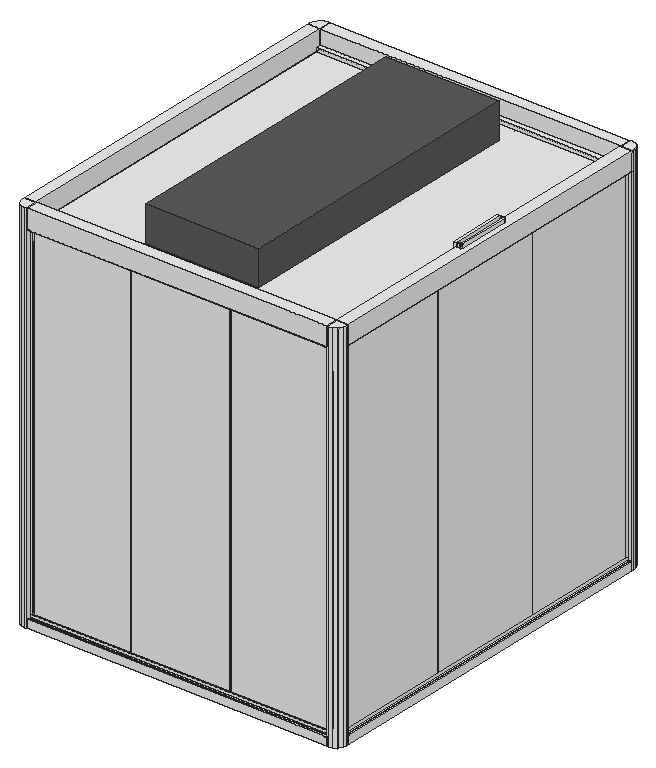
Revit family "Dauphin-Bosse S4_Space Pod_V2", category Casework, Revit 2019 (continued)
Definition of nested family "Bosse-Collaboration_Ceiling"
  Forms (mm)
    Extrusion 13, void
      sketch origin (1003.191, 1585.191, 2379) x (1, 0, 0) y (0, -1, 0)
        loop
          line (203.809, 585) -> (-2210.191, 585) -> (-2210.191, 581) -> (203.809, 581) -> (203.809, 585)
      from 0 to 26.499
    Extrusion 14, void
      sketch origin (1003.191, -1585.191, 2379) x (-1, 0, 0) y (0, 1, 0)
        loop
          line (-203.809, 585) -> (-203.809, 581) -> (2210.191, 581) -> (2210.191, 585) -> (-203.809, 585)
      from 0 to 26.499
  Cuts and joins
    Extrusion 2, Extrusion 3, Extrusion 4, Extrusion 7, Extrusion 8, Extrusion 10, Extrusion 13, Extrusion 14 cuts Extrusion 1
    Extrusion 7, Extrusion 8, Extrusion 9, Extrusion 10, Extrusion 11, Extrusion 12, Extrusion 13, Extrusion 14 cuts Sweep 5
    Extrusion 7, Extrusion 8, Extrusion 9, Extrusion 10, Extrusion 11, Extrusion 12, Extrusion 13, Extrusion 14 cuts Extrusion 6
  Dimensions and locks
    "Depth": plane 6 to plane 7
    equal spacing: plane 5, plane 3 "Center (Left/Right)", plane 4
    "Width": plane 5 to plane 4
    locked: plane 11 to plane 7 at 50
    locked: plane 10 to plane 6 at 50
    locked: plane 9 to plane 4 at 50
    locked: plane 5 to plane 8 at 50
    equal spacing: cut or joined group 1 (Extrusion 6, Extrusion 7, Extrusion 8, Extrusion 9, Extrusion 10, Extrusion 11, Extrusion 12, Extrusion 13, Extrusion 14), plane 1 "Center (Front/Back)", cut or joined group 1
    equal spacing: cut or joined group 1, plane 3 "Center (Left/Right)", cut or joined group 1
    cut or joined group 1 to cut or joined group 1 = 750 mm
    cut or joined group 1 to cut or joined group 1 = 2000.382 mm
    equal spacing: group 3, group 2, group 1
    equal spacing: group 1, group 2, group 3  (x2)
    equal spacing: plane 6, plane 1 "Center (Front/Back)", plane 7
    aligned and locked: level to plane 2
    aligned and locked: Extrusion 6 to Sweep 5
    aligned and locked: Extrusion 6 to cut or joined group of Sweep 5, Extrusion 7, Extrusion 8, Extrusion 9, Extrusion 10, Extrusion 11, Extrusion 12, Extrusion 13, Extrusion 14
    aligned and locked: Sweep 5 sketch curve to plane 4
    aligned and locked: plane 6 to Sweep 5 sketch curve
    aligned and locked: plane 5 to Sweep 5 sketch curve
    aligned and locked: plane 7 to Sweep 5 sketch curve
    aligned and locked: plane 8 to Extrusion 6 sketch curve
    aligned and locked: plane 10 to Extrusion 6 sketch curve
    aligned and locked: plane 9 to Extrusion 6 sketch curve
    aligned and locked: plane 11 to Extrusion 6 sketch curve
    aligned and locked: Extrusion 1 sketch curve to cut or joined group 1
    aligned and locked: cut or joined group 1 to plane 9  (x2)
    aligned and locked: cut or joined group 1 to plane 8  (x2)
  Automatic sketch dimensions
    Extrusion 7 sketch curve to Extrusion 7 sketch curve = 4 mm
    Extrusion 7 sketch curve to Extrusion 7 sketch curve = 4040 mm
    Extrusion 8 sketch curve to Extrusion 8 sketch curve = 4 mm
    Extrusion 8 sketch curve to Extrusion 8 sketch curve = 4040 mm
    Extrusion 9 sketch curve to Extrusion 9 sketch curve = 4 mm
    Extrusion 9 sketch curve to Extrusion 9 sketch curve = 4040 mm
    Extrusion 10 sketch curve to Extrusion 10 sketch curve = 4 mm
    Extrusion 10 sketch curve to Extrusion 10 sketch curve = 4040 mm
    Extrusion 11 sketch curve to Extrusion 11 sketch curve = 4 mm
    Extrusion 11 sketch curve to Extrusion 11 sketch curve = 4040 mm
    Extrusion 12 sketch curve to Extrusion 12 sketch curve = 4 mm
    Extrusion 12 sketch curve to Extrusion 12 sketch curve = 4040 mm
    Extrusion 1 sketch curve to plane 1 "Center (Front/Back)" = 1000.191 mm
    level to Extrusion 1 sketch curve = 2354 mm
    Extrusion 1 sketch curve to Extrusion 1 sketch curve = 263 mm
    plane 1 "Center (Front/Back)" to Extrusion 2 sketch curve = 222.266 mm
    Extrusion 2 sketch curve to Extrusion 2 sketch curve = 0 mm  (x10)
    Extrusion 2 sketch curve to Extrusion 2 sketch curve = 0.339 mm  (x18)
    Extrusion 2 sketch curve to Extrusion 2 sketch curve = 0.666 mm  (x12)
    Extrusion 2 sketch curve to Extrusion 2 sketch curve = 0.972 mm  (x18)
    Extrusion 2 sketch curve to Extrusion 2 sketch curve = 1.243 mm  (x24)
    Extrusion 2 sketch curve to Extrusion 2 sketch curve = 1.473 mm  (x24)
    Extrusion 2 sketch curve to Extrusion 2 sketch curve = 1.225 mm  (x12)
    Extrusion 2 sketch curve to Extrusion 2 sketch curve = 1.652 mm  (x12)
    Extrusion 2 sketch curve to Extrusion 2 sketch curve = 1.302 mm  (x6)
    Extrusion 2 sketch curve to Extrusion 2 sketch curve = 1.775 mm  (x12)
    Extrusion 2 sketch curve to Extrusion 2 sketch curve = 1.355 mm  (x12)
    Extrusion 2 sketch curve to Extrusion 2 sketch curve = 1.837 mm  (x12)
    Extrusion 2 sketch curve to Extrusion 2 sketch curve = 1.382 mm  (x12)
    plane 1 "Center (Front/Back)" to Extrusion 2 sketch curve = 19.309 mm  (x4)
    Extrusion 2 sketch curve to Extrusion 2 sketch curve = 1.303 mm  (x6)
    Extrusion 2 sketch curve to Extrusion 2 sketch curve = 0.971 mm  (x6)
    Extrusion 2 sketch curve to Extrusion 2 sketch curve = 0.667 mm  (x12)
    Extrusion 2 sketch curve to plane 1 "Center (Front/Back)" = 5.734 mm  (x3)
    Extrusion 2 sketch curve to Extrusion 2 sketch curve = 193 mm
    level to Extrusion 2 sketch curve = 2522 mm
    Extrusion 2 sketch curve to Extrusion 2 sketch curve = 0.096 mm  (x8)
    Extrusion 2 sketch curve to Extrusion 2 sketch curve = 0.17 mm  (x10)
    Extrusion 2 sketch curve to Extrusion 2 sketch curve = 0.286 mm  (x12)
    Extrusion 2 sketch curve to Extrusion 2 sketch curve = 0.505 mm  (x12)
    Extrusion 2 sketch curve to Extrusion 2 sketch curve = 0.47 mm  (x12)
    Extrusion 2 sketch curve to Extrusion 2 sketch curve = 0.646 mm  (x12)
    Extrusion 2 sketch curve to Extrusion 2 sketch curve = 0.823 mm  (x12)
    Extrusion 2 sketch curve to Extrusion 2 sketch curve = 1.112 mm  (x24)
    Extrusion 2 sketch curve to Extrusion 2 sketch curve = 1.364 mm  (x24)
    Extrusion 2 sketch curve to Extrusion 2 sketch curve = 1.569 mm  (x24)
    Extrusion 2 sketch curve to Extrusion 2 sketch curve = 1.72 mm  (x24)
    Extrusion 2 sketch curve to Extrusion 2 sketch curve = 1.814 mm  (x24)
    Extrusion 2 sketch curve to Extrusion 2 sketch curve = 1.846 mm  (x12)
    Extrusion 2 sketch curve to Extrusion 2 sketch curve = 6.5 mm  (x4)
    Extrusion 3 sketch curve to plane 3 "Center (Left/Right)" = 361.2 mm  (x2)
    Extrusion 3 sketch curve to Extrusion 3 sketch curve = 5 mm  (x30)
    Extrusion 3 sketch curve to Extrusion 3 sketch curve = 10 mm  (x18)
    Extrusion 3 sketch curve to Extrusion 3 sketch curve = 0 mm  (x44)
    Extrusion 3 sketch curve to Extrusion 3 sketch curve = 30 mm  (x15)
    plane 1 "Center (Front/Back)" to Extrusion 3 sketch curve = 849.191 mm
    Extrusion 3 sketch curve to Extrusion 3 sketch curve = 7.916 mm  (x2)
    Extrusion 3 sketch curve to Extrusion 3 sketch curve = 9.079 mm  (x2)
    Extrusion 3 sketch curve to Extrusion 3 sketch curve = 78.005 mm  (x2)
    Extrusion 3 sketch curve to Extrusion 3 sketch curve = 95 mm  (x3)
    Extrusion 3 sketch curve to plane 1 "Center (Front/Back)" = 629.191 mm
    Extrusion 4 sketch curve to plane 3 "Center (Left/Right)" = 76 mm
    plane 3 "Center (Left/Right)" to Extrusion 4 sketch curve = 76 mm
    plane 1 "Center (Front/Back)" to Extrusion 4 sketch curve = 606.059 mm
    Extrusion 4 sketch curve to plane 1 "Center (Front/Back)" = 602.441 mm
    Sweep 5 sketch curve to profile plane = 0 mm  (x2)
    profile plane to Sweep 5 sketch curve = 11.791 mm
    profile plane to Sweep 5 sketch curve = 25.781 mm
    Sweep 5 sketch curve to profile plane = 1.499 mm
    Sweep 5 sketch curve to Sweep 5 sketch curve = 7.994 mm
    Sweep 5 sketch curve to Sweep 5 sketch curve = 3.198 mm
    Sweep 5 sketch curve to Sweep 5 sketch curve = 12.99 mm
    profile plane to Sweep 5 sketch curve = 30.977 mm
    Sweep 5 sketch curve to Sweep 5 sketch curve = 20.984 mm
    Extrusion 6 sketch curve to plane 3 "Center (Left/Right)" = 375 mm
    plane 3 "Center (Left/Right)" to Extrusion 6 sketch curve = 375 mm
    plane 1 "Center (Front/Back)" to Extrusion 6 sketch curve = 1000.191 mm
    Extrusion 6 sketch curve to plane 1 "Center (Front/Back)" = 1000.191 mm
    Extrusion 13 sketch curve to plane 8 = 0 mm
    Extrusion 13 sketch curve to plane 9 = 0 mm
    Extrusion 13 sketch curve to plane 1 "Center (Front/Back)" = 1000.191 mm
    Extrusion 13 sketch curve to Extrusion 13 sketch curve = 4 mm
    Extrusion 14 sketch curve to plane 9 = 0 mm
    Extrusion 14 sketch curve to plane 8 = 0 mm
    plane 1 "Center (Front/Back)" to Extrusion 14 sketch curve = 1000.191 mm
    Extrusion 14 sketch curve to Extrusion 14 sketch curve = 4 mm
  Nested families
    nested 1: "Bosse_Light Symbol" at (751, 500.096, 2354) x (1, 0, 0) z (0, 0, -1), type "Bosse_Light Symbol", detail levels fine
    nested 2: "Bosse_Light Symbol" at (0, 1512.095, 2354) x (1, 0, 0) z (0, 0, -1), visible <- "Large Visibility", type "Bosse_Light Symbol", detail levels fine
    nested 3: "Bosse_Light Symbol" at (1501, 0, 2354) x (1, 0, 0) z (0, 0, -1), visible <- "Large Visibility", type "Bosse_Light Symbol", detail levels fine
    nested 4: "Bosse_Light Symbol" at (751, -500.096, 2354) x (1, 0, 0) z (0, 0, -1), type "Bosse_Light Symbol", detail levels fine
    nested 5: "Bosse_Light Symbol" at (-751, 500.096, 2354) x (-1, 0, 0) z (0, 0, -1), type "Bosse_Light Symbol", detail levels fine
    nested 6: "Bosse_Light Symbol" at (-1501, 0, 2354) x (-1, 0, 0) z (0, 0, -1), visible <- "Large Visibility", type "Bosse_Light Symbol", detail levels fine
    nested 7: "Bosse_Light Symbol" at (-751, -500.096, 2354) x (-1, 0, 0) z (0, 0, -1), type "Bosse_Light Symbol", detail levels fine
    nested 8: "Bosse_Light Symbol" at (0, -1512.095, 2354) x (1, 0, 0) z (0, 0, -1), visible <- "Large Visibility", type "Bosse_Light Symbol", detail levels fine
  Definition of nested family "Bosse_Light Symbol"
    Reference planes
      plane 1 "Center (Front/Back)": y = 0
      plane 2: z = 0
      plane 3 "Center (Left/Right)": x = 0
    Lines and regions (mm)
      detail lines, in view "Ref. Level"
        curve 1: line (34, 279, 2354) -> (-34, 279, 2354)
        curve 2: line (34, -279, 2354) -> (34, 279, 2354)
        curve 3: line (-34, -279, 2354) -> (34, -279, 2354)
        curve 4: line (-34, 279, 2354) -> (-34, -279, 2354)
Definition of nested family "Bosse-Collaboration_Solid 3 Panel"
  Parameters (values of type "Bosse-Collaboration_Solid 3 Panel")
    Èxt_Length [instance] = 2338 mm
    Right Profile [instance] = yes
    Profile Material = none
    Panel Int Width [instance] = (Int_Length - 6 mm) / Panel Amount  # 725.333 mm
    Panel Int Height [instance] = 2311 mm  # constant formula
    Panel Amount = 3
    Left Profile [instance] = yes
    Internal Panel [instance] = yes
    Interior Panel Material [instance] = none
    Int_Length [instance] = Èxt_Length - 78 mm - 78 mm  # 2182 mm
    Int_Height [instance] = Ext_Height - 36 mm  # 2374 mm
    External Panel Material [instance] = none
    Ext_Height [instance] = 2410 mm
  Reference planes
    plane 1 "Center (Front/Back)": y = 0
    plane 2: z = 0
    plane 3 "Center (Left/Right)": x = 0
    plane 4: y = 1091
    plane 5: y = -1091
    plane 6: y = 1088.2
    plane 7: y = -1088
    plane 8: y = -1169
    plane 9: y = 1169
  Forms (mm)
    Sweep 1, solid, material <- "Profile Material"
      path origin (0, 0, 0) x (1, 0, 0) y (0, 1, 0)
        loop
          line (0, -1091) -> (0, 1091)
      profile origin (0, 0, 0) x (-1, 0, 0) y (0, 0, 1)
        loop
          line (17.55, 45) -> (9.55, 45) -> (9.55, 55) -> (0.9, 55)
          arc (0.9, 55) -> (0.264, 54.736) -> (0, 54.1) r 0.9
          line (0, 54.1) -> (0, 0) -> (78, 0) -> (78, 54.136)
          arc (78, 54.136) -> (77.747, 54.747) -> (77.136, 55) r 0.864
          line (77.136, 55) -> (68.45, 55) -> (68.45, 45) -> (60.45, 45) -> (60.45, 55) -> (17.55, 55) -> (17.55, 45)
        loop
          line (78, 2502) -> (0, 2502) -> (0, 2374.877)
          arc (0, 2374.877) -> (0.257, 2374.257) -> (0.877, 2374) r 0.877
          line (0.877, 2374) -> (9.55, 2374) -> (9.55, 2384) -> (17.55, 2384) -> (17.55, 2374) -> (60.45, 2374) -> (60.45, 2384) -> (68.45, 2384) -> (68.45, 2374) -> (77.1, 2374)
          arc (77.1, 2374) -> (77.736, 2374.264) -> (78, 2374.9) r 0.9
          line (78, 2374.9) -> (78, 2502)
    Sweep 2, solid, material <- "Profile Material"
      path origin (0, 0, 0) x (0, 1, 0) y (0, 0, 1)
        loop
          line (1091, 55) -> (-1091, 55)
      profile origin (0, 0, 55) x (0, 0, -1) y (1, 0, 0)
        loop
          line (-21, -26.5) -> (-21, -34) -> (-2.8, -34) -> (-2.8, -44) -> (-21, -44) -> (-21, -51.5) -> (-6.5, -51.5) -> (-6, -50.874) -> (-5.5, -51.5) -> (0, -51.5) -> (0, -26.5) -> (-21, -26.5)
        loop
          line (-2298, -26.5) -> (-2319, -26.5) -> (-2319, -51.5) -> (-2313.5, -51.5) -> (-2313, -50.874) -> (-2312.5, -51.5) -> (-2298, -51.5) -> (-2298, -44) -> (-2316.2, -44) -> (-2316.2, -34) -> (-2298, -34) -> (-2298, -26.5)
    Extrusion 3, solid, material <- "Profile Material"
      sketch origin (0, 0, 0) x (1, 0, 0) y (0, 1, 0)
        loop
          line (-51.5, 1091) -> (-51.5, 1085.5) -> (-50.874, 1085) -> (-51.5, 1084.5) -> (-51.5, 1070) -> (-44, 1070) -> (-44, 1088.2) -> (-34, 1088.2) -> (-34, 1070) -> (-26.5, 1070) -> (-26.5, 1091) -> (-51.5, 1091)
        loop
          line (-51.5, -1091) -> (-26.5, -1091) -> (-26.5, -1070) -> (-34, -1070) -> (-34, -1088.2) -> (-44, -1088.2) -> (-44, -1070) -> (-51.5, -1070) -> (-51.5, -1084.5) -> (-50.874, -1085) -> (-51.5, -1085.5) -> (-51.5, -1091)
      from 76 to 2353
    Extrusion 4, solid, material <- "Interior Panel Material", visible <- "Internal Panel"
      sketch origin (0, 0, 0) x (1, 0, 0) y (0, 1, 0)
        loop
          arc (-94.999, 181) -> (-96.414, 180.414) -> (-97, 179) r 2
          line (-97, 179) -> (-97, -179)
          arc (-97, -179) -> (-96.414, -180.414) -> (-95, -181) r 2
          line (-95, -181) -> (-80, -181)
          arc (-80, -181) -> (-78.586, -180.414) -> (-78, -179) r 2
          line (-78, -179) -> (-78, 179)
          arc (-78, 179) -> (-78.586, 180.415) -> (-80, 181) r 2
          line (-80, 181) -> (-94.999, 181)
        loop
          arc (-56, 175.5) -> (-57.414, 174.914) -> (-58, 173.5) r 2
          line (-58, 173.5) -> (-58, -173.5)
          arc (-58, -173.5) -> (-57.414, -174.914) -> (-56, -175.5) r 2
          line (-56, -175.5) -> (-47, -175.5)
          arc (-47, -175.5) -> (-45.586, -174.914) -> (-45, -173.5) r 2
          line (-45, -173.5) -> (-45, 173.5)
          arc (-45, 173.5) -> (-45.586, 174.914) -> (-47, 175.5) r 2
          line (-47, 175.5) -> (-56, 175.5)
      from 45 to 2524
    Extrusion 5, solid, material <- "Interior Panel Material", visible <- "Internal Panel"
      sketch origin (0, 0, 0) x (1, 0, 0) y (0, 1, 0)
        loop
          line (-59.5, 178.15) -> (-48, 178.15) -> (-48, 180.448)
          arc (-48, 180.448) -> (-48.162, 180.838) -> (-48.552, 181) r 0.552
          line (-48.552, 181) -> (-77.223, 181)
          arc (-77.223, 181) -> (-77.772, 180.773) -> (-78, 180.223) r 0.777
          line (-78, 180.223) -> (-78, 173.5) -> (-59.5, 173.5) -> (-59.5, 178.15)
        loop
          line (-59.5, -178.15) -> (-59.5, -173.5) -> (-78, -173.5) -> (-78, -180.223)
          arc (-78, -180.223) -> (-77.772, -180.773) -> (-77.223, -181) r 0.777
          line (-77.223, -181) -> (-48.552, -181)
          arc (-48.552, -181) -> (-48.162, -180.838) -> (-48, -180.448) r 0.552
          line (-48, -180.448) -> (-48, -178.15) -> (-59.5, -178.15)
      from 45 to 2524
  Dimensions and locks
    equal spacing: plane 5, plane 1 "Center (Front/Back)", plane 4
    "Int_Length": plane 5 to plane 4
    locked: plane 6 to plane 4 at 2.8
    locked: plane 5 to plane 7 at 3
    equal spacing: group 1, group 3, group 2  (x3)
    equal spacing: plane 9, plane 1 "Center (Front/Back)", plane 8
    "Èxt_Length": plane 9 to plane 8
    aligned and locked: level to plane 2
    aligned and locked: nested 1 to Sweep 1 sketch curve
    aligned and locked: plane 4 to Sweep 2 sketch curve
    aligned and locked: plane 5 to Sweep 2 sketch curve
    aligned and locked: Extrusion 3 to Sweep 2  (x2)
    aligned and locked: Extrusion 3 to Sweep 2 sketch curve
    aligned and locked: Sweep 2 sketch curve to Extrusion 3  (x3)
    aligned and locked: Extrusion 4 to Sweep 1
    aligned and locked: Extrusion 5 to Sweep 1
    aligned and locked: Sweep 1 to plane 4
    aligned and locked: plane 1 "Center (Front/Back)" to nested 1
    aligned and locked: nested 2 to plane 7
    aligned and locked: nested 3 to plane 6
  Automatic sketch dimensions
    Sweep 1 sketch curve to profile plane = 0 mm  (x2)
    Sweep 1 sketch curve to level = 0 mm
    Sweep 1 sketch curve to profile plane = 0.877 mm
    Sweep 1 sketch curve to profile plane = 0.9 mm
    Sweep 1 sketch curve to profile plane = 9.55 mm
    Sweep 1 sketch curve to Sweep 1 sketch curve = 8.673 mm
    Sweep 1 sketch curve to Sweep 1 sketch curve = 8 mm  (x4)
    Sweep 1 sketch curve to Sweep 1 sketch curve = 42.9 mm  (x2)
    Sweep 1 sketch curve to Sweep 1 sketch curve = 8.686 mm
    Sweep 1 sketch curve to Sweep 1 sketch curve = 8.65 mm
    Sweep 1 sketch curve to Sweep 1 sketch curve = 0.864 mm
    Sweep 1 sketch curve to Sweep 1 sketch curve = 0.9 mm
    level to Sweep 1 sketch curve = 45 mm  (x2)
    Sweep 1 sketch curve to Sweep 1 sketch curve = 9.1 mm
    Sweep 1 sketch curve to Sweep 1 sketch curve = 9.136 mm
    Sweep 1 sketch curve to Sweep 1 sketch curve = 0 mm  (x3)
    Sweep 1 sketch curve to Sweep 1 sketch curve = 2319 mm
    Sweep 1 sketch curve to Sweep 1 sketch curve = 10 mm  (x2)
    Sweep 1 sketch curve to Sweep 1 sketch curve = 118 mm
    plane 5 to Sweep 1 sketch curve = 0 mm
    plane 4 to Sweep 1 sketch curve = 0 mm
    plane 4 to Extrusion 3 sketch curve = 0 mm
    plane 5 to Extrusion 3 sketch curve = 0 mm
    Extrusion 3 sketch curve to plane 5 = 2.8 mm
    Extrusion 3 sketch curve to Extrusion 3 sketch curve = 10 mm  (x2)
    Extrusion 3 sketch curve to plane 5 = 6 mm
    Extrusion 3 sketch curve to Extrusion 3 sketch curve = 6.874 mm  (x2)
    plane 4 to Extrusion 3 sketch curve = 6 mm
    Extrusion 3 sketch curve to Extrusion 3 sketch curve = 0.626 mm  (x2)
    Extrusion 3 sketch curve to Extrusion 3 sketch curve = 7.5 mm  (x4)
    plane 4 to Extrusion 3 sketch curve = 5.5 mm
    Extrusion 3 sketch curve to Extrusion 3 sketch curve = 0.5 mm  (x3)
    Extrusion 3 sketch curve to Extrusion 3 sketch curve = 18.2 mm
    Extrusion 3 sketch curve to Extrusion 3 sketch curve = 14.5 mm
    plane 4 to Extrusion 3 sketch curve = 21 mm
    Extrusion 3 sketch curve to Extrusion 3 sketch curve = 15 mm
    plane 4 to Extrusion 3 sketch curve = 2.8 mm
    Sweep 2 sketch curve to profile plane = 0 mm
    profile plane to Sweep 2 sketch curve = 2.8 mm
    Sweep 2 sketch curve to Sweep 2 sketch curve = 2.7 mm
    Sweep 2 sketch curve to Sweep 2 sketch curve = 1 mm
    Sweep 2 sketch curve to Sweep 2 sketch curve = 18.2 mm  (x2)
    Sweep 2 sketch curve to Sweep 2 sketch curve = 14.5 mm  (x2)
    Sweep 2 sketch curve to Sweep 2 sketch curve = 2277 mm
    Sweep 2 sketch curve to Sweep 2 sketch curve = 0 mm  (x3)
    Sweep 2 sketch curve to plane 3 "Center (Left/Right)" = 51.5 mm
    Sweep 2 sketch curve to Sweep 2 sketch curve = 0.5 mm  (x3)
    Sweep 2 sketch curve to Sweep 2 sketch curve = 2.8 mm
    Sweep 2 sketch curve to Sweep 2 sketch curve = 0.626 mm  (x2)
    Sweep 2 sketch curve to Sweep 2 sketch curve = 7.5 mm  (x3)
    Sweep 2 sketch curve to Sweep 2 sketch curve = 6.874 mm
    Extrusion 4 sketch curve to plane 3 "Center (Left/Right)" = 97 mm
    Extrusion 4 sketch curve to Extrusion 4 sketch curve = 2 mm  (x5)
    Extrusion 4 sketch curve to Extrusion 4 sketch curve = 15 mm  (x2)
    Extrusion 4 sketch curve to Extrusion 4 sketch curve = 22 mm
    Extrusion 4 sketch curve to Extrusion 4 sketch curve = 9 mm
    plane 1 "Center (Front/Back)" to Extrusion 4 sketch curve = 181 mm
    Extrusion 4 sketch curve to Extrusion 4 sketch curve = 5.5 mm  (x2)
    Extrusion 4 sketch curve to Extrusion 4 sketch curve = 0 mm  (x2)
    Extrusion 4 sketch curve to plane 1 "Center (Front/Back)" = 173.5 mm
    Extrusion 5 sketch curve to plane 3 "Center (Left/Right)" = 78 mm  (x2)
    Extrusion 5 sketch curve to Extrusion 5 sketch curve = 0.777 mm  (x2)
    Extrusion 5 sketch curve to Extrusion 5 sketch curve = 18.5 mm  (x2)
    Extrusion 5 sketch curve to Extrusion 5 sketch curve = 10.948 mm  (x2)
    Extrusion 5 sketch curve to Extrusion 5 sketch curve = 0.552 mm  (x2)
    plane 1 "Center (Front/Back)" to Extrusion 5 sketch curve = 181 mm
    Extrusion 5 sketch curve to Extrusion 5 sketch curve = 2.298 mm
    Extrusion 5 sketch curve to Extrusion 5 sketch curve = 6.723 mm  (x2)
    Extrusion 5 sketch curve to plane 1 "Center (Front/Back)" = 173.5 mm
    Extrusion 5 sketch curve to Extrusion 5 sketch curve = 4.65 mm
    level to Sweep 2 sketch curve = 55 mm
    Extrusion 3 sketch curve to plane 3 "Center (Left/Right)" = 51.5 mm  (x2)
  Nested families
    nested 1: "Bosse-Collaboration_Side Profiles" at (0, 0, 0), Frame Materials <- "Profile Material", Dist_Door Profile <- "Int_Length", type "Bosse-Collaboration_Side Profiles"
      with Height 2502 mm, Frame Materials none, Dist_Door Profile 2182 mm
    nested 2: "Bosse_Space Cube_Panel" at (-34, -725.333, 58) x (0, 1, 0) z (0, 0, 1), Height <- "Panel Int Height", Width <- "Panel Int Width", Dauphin_Panel <- "External Panel Material", type "Bosse_Space Cube_Panel"
      with Width 725.333 mm, Height 2311 mm, Depth 10 mm, Dauphin_Panel none
    nested 3: "Bosse_Space Cube_Panel" at (-34, 725.533, 58) x (0, 1, 0) z (0, 0, 1), Height <- "Panel Int Height", Width <- "Panel Int Width", Dauphin_Panel <- "External Panel Material", type "Bosse_Space Cube_Panel"
      with Width 725.333 mm, Height 2311 mm, Depth 10 mm, Dauphin_Panel none
    nested 4: "Bosse_Space Cube_Panel" at (-34, 0.1, 58) x (0, 1, 0) z (0, 0, 1), Height <- "Panel Int Height", Width <- "Panel Int Width", Dauphin_Panel <- "External Panel Material", type "Bosse_Space Cube_Panel"
      with Width 725.333 mm, Height 2311 mm, Depth 10 mm, Dauphin_Panel none
  Definition of nested family "Bosse-Collaboration_Side Profiles"
    Parameters (values of type "Bosse-Collaboration_Side Profiles")
      Right Profile = yes
      Left Profile = yes
      Height [instance] = 2502 mm
      Frame Materials [instance] = none
      Dist_Door Profile [instance] = 2238 mm
    Reference planes
      plane 1 "Center (Front/Back)": y = 0
      plane 2: z = 0
      plane 3 "Center (Left/Right)": x = 0
      plane 4: z = 2502
      plane 5: y = 1119
      plane 6: y = -1119
      plane 7: z = 2502
    Forms (mm)
      Sweep 1, solid, material <- "Frame Materials", visible <- "Left Profile"
        path origin (858.657, 1119, 1200) x (1, 0, 0) y (0, 0, 1)
          loop
            line (-858.657, -1200) -> (-858.657, 1302)
        profile origin (0, 1119, 1251) x (-1, 0, 0) y (0, -1, 0)
          loop
            line (78, 0) -> (0.75, 0)
            arc (0.75, 0) -> (0.22, -0.22) -> (0, -0.75) r 0.75
            line (0, -0.75) -> (0, -10.114) -> (4.889, -35.163) -> (15.124, -57.008)
            arc (15.124, -57.008) -> (17.544, -60.457) -> (20.993, -62.877) r 12.196
            line (20.993, -62.877) -> (42.837, -73.111) -> (67.886, -78) -> (77.22, -78)
            arc (77.22, -78) -> (77.771, -77.772) -> (78, -77.22) r 0.78
            line (78, -77.22) -> (78, 0)
      Sweep 2, solid, material <- "Frame Materials", visible <- "Right Profile"
        path origin (0, 0, 0) x (0, 1, 0) y (0, 0, 1)
          loop
            line (-1119, 2502) -> (-1119, 0)
        profile origin (0, -1119, 1251) x (1, 0, 0) y (0, 1, 0)
          loop
            line (-78, 0) -> (-78, -77.22)
            arc (-78, -77.22) -> (-77.771, -77.772) -> (-77.22, -78) r 0.78
            line (-77.22, -78) -> (-67.886, -78) -> (-42.837, -73.111) -> (-20.993, -62.877)
            arc (-20.993, -62.877) -> (-17.544, -60.457) -> (-15.124, -57.008) r 12.196
            line (-15.124, -57.008) -> (-4.889, -35.163) -> (0, -10.114) -> (0, -0.75)
            arc (0, -0.75) -> (-0.22, -0.22) -> (-0.75, 0) r 0.75
            line (-0.75, 0) -> (-78, 0)
    Dimensions and locks
      "Height": plane 4 to plane 2
      "Dist_Door Profile": plane 6 to plane 5
      "Height": plane 7 to plane 2
      equal spacing: plane 6, plane 1 "Center (Front/Back)", plane 5
      aligned and locked: level to plane 2
      aligned and locked: plane 4 to Sweep 1 sketch curve
      aligned and locked: plane 5 to Sweep 1
      aligned and locked: plane 3 "Center (Left/Right)" to Sweep 1
      aligned and locked: plane 7 to Sweep 2 sketch curve
      aligned and locked: Sweep 2 sketch curve to plane 6
      aligned and locked: Sweep 2 sketch curve to profile plane
    Automatic sketch dimensions
      Sweep 1 sketch curve to profile plane = 0 mm
      plane 5 to Sweep 1 sketch curve = 0 mm
      Sweep 1 sketch curve to Sweep 1 sketch curve = 0.75 mm
      Sweep 1 sketch curve to profile plane = 4.889 mm
      Sweep 1 sketch curve to profile plane = 15.124 mm
      Sweep 1 sketch curve to Sweep 1 sketch curve = 5.869 mm
      Sweep 1 sketch curve to Sweep 1 sketch curve = 5.174 mm  (x2)
      Sweep 1 sketch curve to Sweep 1 sketch curve = 21.844 mm
      Sweep 1 sketch curve to Sweep 1 sketch curve = 25.049 mm  (x2)
      Sweep 1 sketch curve to Sweep 1 sketch curve = 9.334 mm
      Sweep 1 sketch curve to Sweep 1 sketch curve = 0.78 mm
      Sweep 1 sketch curve to Sweep 1 sketch curve = 9.365 mm
      Sweep 1 sketch curve to Sweep 1 sketch curve = 16.67 mm
      Sweep 1 sketch curve to Sweep 1 sketch curve = 10.234 mm
      Sweep 1 sketch curve to Sweep 1 sketch curve = 4.109 mm
      Sweep 2 sketch curve to level = 0 mm
      Sweep 2 sketch curve to plane 3 "Center (Left/Right)" = 0 mm
      Sweep 2 sketch curve to plane 3 "Center (Left/Right)" = 0.75 mm
      Sweep 2 sketch curve to plane 3 "Center (Left/Right)" = 4.889 mm
      Sweep 2 sketch curve to plane 3 "Center (Left/Right)" = 15.124 mm
      Sweep 2 sketch curve to Sweep 2 sketch curve = 5.869 mm
      Sweep 2 sketch curve to Sweep 2 sketch curve = 5.174 mm  (x2)
      Sweep 2 sketch curve to Sweep 2 sketch curve = 21.844 mm
      Sweep 2 sketch curve to Sweep 2 sketch curve = 25.049 mm  (x2)
      Sweep 2 sketch curve to Sweep 2 sketch curve = 9.334 mm
      Sweep 2 sketch curve to Sweep 2 sketch curve = 51.833 mm
      Sweep 2 sketch curve to Sweep 2 sketch curve = 9.365 mm
      Sweep 2 sketch curve to Sweep 2 sketch curve = 16.67 mm
      Sweep 2 sketch curve to Sweep 2 sketch curve = 10.234 mm
      Sweep 2 sketch curve to Sweep 2 sketch curve = 4.109 mm
      Sweep 1 sketch curve to plane 3 "Center (Left/Right)" = 0 mm
      Sweep 1 sketch curve to level = 0 mm
  Definition of nested family "Bosse_Space Cube_Panel"
    Parameters (values of type "Bosse_Space Cube_Panel")
      Width [instance] = 1071.462 mm
      Height [instance] = 1897.978 mm
      Depth [instance] = 10 mm
      Dauphin_Panel [instance] = none
    Reference planes
      plane 1 "Center (Front/Back)": y = 0
      plane 2: z = 0
      plane 3 "Center (Left/Right)": x = 0
      plane 4: x = 535.731
      plane 5: x = -535.731
      plane 6: y = 10
      plane 7: z = 1897.978
    Forms (mm)
      Extrusion 1, solid, material <- "Dauphin_Panel"
        sketch origin (0, 0, 0) x (1, 0, 0) y (0, 1, 0)
          loop
            line (-535.731, 10) -> (-535.731, 0) -> (535.731, 0) -> (535.731, 10) -> (-535.731, 10)
        from 0 to 1897.978
      Sweep 2, void
        path in 3D
          loop
            line (-535.731, 0, 1897.978) -> (-535.731, 0, 0)
        profile origin (-535.731, 0, 948.989) x (-1, 0, 0) y (0, -1, 0)
          loop
            line (0, -2.5) -> (0, -7.5) -> (-2.67, -7.5) -> (-5.17, -10) -> (-5.17, -25) -> (10, -25) -> (10, 15) -> (-5.17, 15) -> (-5.17, 0) -> (-2.67, -2.5) -> (0, -2.5)
      Sweep 3, void
        path in 3D
          loop
            line (535.731, 0, 1897.978) -> (535.731, 0, 0)
        profile origin (535.731, 0, 948.989) x (1, 0, 0) y (0, 1, 0)
          loop
            line (0, 2.5) -> (-2.67, 2.5) -> (-5.17, 0) -> (-5.17, -15) -> (10, -15) -> (10, 25) -> (-5.17, 25) -> (-5.17, 10) -> (-2.67, 7.5) -> (0, 7.5) -> (0, 2.5)
    Cuts and joins
      Sweep 2, Sweep 3 cuts Extrusion 1
    Lines and regions (mm)
      sketch lines
        curve 1: line (-535.731, 0, 1897.978) -> (-535.731, 0, 0)
        curve 2: line (535.731, 0, 1897.978) -> (535.731, 0, 0)
    Dimensions and locks
      equal spacing: plane 5, plane 3 "Center (Left/Right)", plane 4
      "Width": plane 5 to plane 4
      "Depth": plane 1 "Center (Front/Back)" to plane 6
      "Height": plane 7 to plane 2
      aligned and locked: level to plane 2
      aligned and locked: Extrusion 1 to plane 7
    Automatic sketch dimensions
      plane 1 "Center (Front/Back)" to Extrusion 1 sketch curve = 0 mm
      Extrusion 1 sketch curve to plane 5 = 0 mm
      Extrusion 1 sketch curve to plane 4 = 0 mm
      plane 6 to Extrusion 1 sketch curve = 0 mm
      profile plane to Sweep 3 sketch curve = 0 mm
      Sweep 3 sketch curve to profile plane = 0 mm
      Sweep 3 sketch curve to profile plane = 2.67 mm  (x2)
      Sweep 3 sketch curve to profile plane = 5.17 mm
      Sweep 3 sketch curve to Sweep 3 sketch curve = 2.5 mm  (x2)
      profile plane to Sweep 3 sketch curve = 15 mm
      Sweep 3 sketch curve to Sweep 3 sketch curve = 5 mm
      Sweep 3 sketch curve to Sweep 3 sketch curve = 15 mm
      profile plane to Sweep 3 sketch curve = 10 mm
      Sweep 3 sketch curve to profile plane = 2.5 mm
      Sweep 2 sketch curve to profile plane = 0 mm
      profile plane to Sweep 2 sketch curve = 10 mm
      Sweep 2 sketch curve to profile plane = 5.17 mm
      Sweep 2 sketch curve to Sweep 2 sketch curve = 0 mm
      Sweep 2 sketch curve to Sweep 2 sketch curve = 2.5 mm  (x3)
      Sweep 2 sketch curve to Sweep 2 sketch curve = 2.67 mm
      Sweep 2 sketch curve to Sweep 2 sketch curve = 15.17 mm
      Sweep 2 sketch curve to Sweep 2 sketch curve = 15 mm
      profile plane to Sweep 2 sketch curve = 2.5 mm
      Sweep 2 sketch curve to profile plane = 15 mm
Types (4, lengths in mm): name | Width | Side Panel Amounts | Model | Light Visibility | Froor Depth | Floor Width | Description | Depth | Back Panel Amount
  Bosse S4 - Small | 2152 | 3 | "BP4S_P85X99X99" | no | 2358 | 1996 | "Bosse S4 Small PURE" | 2514 | 3
  Bosse S4 - Medium | 2514 | 3 | "BP4S_P99X99X99" | no | 2358 | 2358 | "Bosse S4 Mediun PURE" | 2514 | 3
  Bosse S4 - Large | 3149 | 4 | "BP4SP124X124X99" | no | 2993 | 2993 | "Bosse S4 Large PURE" | 3149 | 4
  Bosse S4 - Extra Large | 4140 | 4 | "BP4SP163X163X99" | yes | 3984 | 3984 | "Bosse S4 Extra Large PURE" | 4140 | 4
